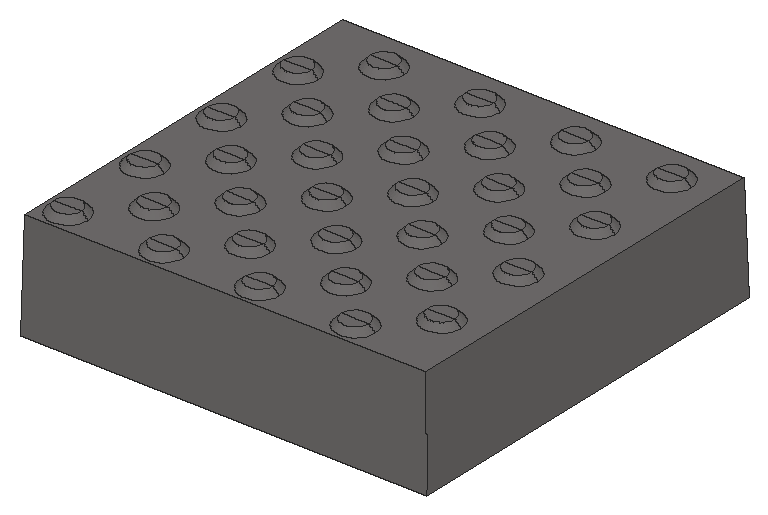
Revit family "Bodenindikator KeDi 32", category Allgemeines Modell, Revit 2016
Family settings
  Teiletyp = Normal
  Kann Basisbauteil für Bewehrung sein = Nein
  Bemaßung runder Anschluss = Durchmesser verwenden
  Arbeitsebenenbasiert = Nein
  Immer vertikal = Ja
  Beim Laden mit Abzugskörper schneiden = Nein
  Gemeinsam genutzt = Nein
  Raumberechnungspunkt = Nein
Parameters (values of type "KeDi 32 - 300/300/80,45 Anthrazit")
  www = "www.Betonsteinwerk-Knapp.de"
  Steindicke = ""
  Rastermaß L/ B in mm = "300/300"
  RIL = "813.02.01"
  R-Wert  nach DIN 51130 = "R11"
  Produzent = "IKM Betonsteinwerk Knapp & Co GmbH, Muggensturm"
  Produktname = "KeDi32"
  Produktionsnorm = "DIN V 18500"
  Produktfamilie = "Bodenindikator"
  Oberflächenausbildung = "Kegelstumpf"
  Norm = "DIN 32984"
  Materialität = Nr. 469 Anthrazit
  Material = "Hochleistungsfaserbeton"
  LRV-Wert = "3,97"
  Manufacturer = ""
  Gewicht/St = "16,6"
  GTIN - Nummer = "4060851017073"
  Frost- und Tausalzwiderstand (CDF) in g/m² im Mittel = "231"
  Fasenausbildung = "Minifase"
  Farbausführung = "Nr. 469 Anthrazit mit Oberflächenvergütung"
  Email = "Info@Betonsteinwerk-knapp.de"
  Auftrittsfläche = "Rändelstruktur"
  Artikelnummer = "5-303208-469-90"
  80.45 = yes
  64.5 = no
Types (4, lengths in mm): name | R-Wert  nach DIN 51130 | Materialität | LRV-Wert | Gewicht/St | GTIN - Nummer | Frost- und Tausalzwiderstand (CDF) in g/m² im Mittel | Farbausführung | Artikelnummer | 80.45 | 64.5
  KeDi 32  - 300/300/64,5 Weiß | "R12" | Nr. 470 Weiß | "53,06" | "12.2" | "4060851017066" | "430" | "Nr. 470 Weiß" | "5-303208-470-00" | no | yes
  KeDi 32 - 300/300/64,5 Anthrazit | "R11" | Nr. 469 Anthrazit | "3,97" | "12.2" | "4060851017073" | "231" | "Nr. 469 Anthrazit mit Oberflächenvergütung" | "5-303208-469-90" | no | yes
  KeDi 32  - 300/300/80,45 Weiß | "R12" | Nr. 470 Weiß | "53,06" | "16,6" | "4060851017066" | "430" | "Nr. 470 Weiß" | "5-303208-470-00" | yes | no
  KeDi 32 - 300/300/80,45 Anthrazit | "R11" | Nr. 469 Anthrazit | "3,97" | "16,6" | "4060851017073" | "231" | "Nr. 469 Anthrazit mit Oberflächenvergütung" | "5-303208-469-90" | yes | no
Reference planes
  plane 1 "Mitte (Vorne/Hinten)": y = 0
  plane 2: z = 0
  plane 3 "Mitte (Links/Rechts)": x = 0
Forms (mm)
  Extrusion 1, solid, material "Nr. 469 Anthrazit" <- "Materialität", visible <- "80.45", detail levels medium+fine
    sketch origin (0, 0, 0) x (1, 0, 0) y (0, 0, 1)
      loop
        line (-299.62, 0) -> (0, 0) -> (-1.809, 80) -> (-297.811, 80) -> (-299.62, 0)
    from 0 to 297
  Extrusion 2, void
    sketch origin (0, 0, 0) x (0, 1, 0) y (0, 0, 1)
      loop
        line (-297, 80) -> (-297, 0) -> (-295.2, 80) -> (-297, 80)
      loop
        line (0, 80) -> (-1.8, 80) -> (0, 0) -> (0, 80)
    from 0 to -299.62
  Extrusion 3, solid, material "Nr. 469 Anthrazit" <- "Materialität", visible <- "64.5", detail levels medium+fine
    sketch origin (0, 0, 0) x (1, 0, 0) y (0, 0, 1)
      loop
        line (-299.62, 0) -> (0, 0) -> (-1.448, 64.05) -> (-298.172, 64.05) -> (-299.62, 0)
    from 0 to 297
  Extrusion 4, void
    sketch origin (0, 0, 0) x (0, 1, 0) y (0, 0, 1)
      loop
        line (-297, 80) -> (-297, 0) -> (-295.2, 80) -> (-297, 80)
      loop
        line (0, 80) -> (-1.8, 80) -> (0, 0) -> (0, 80)
    from 0 to -299.62
  Extrusion 5, solid, material "Nr. 469 Anthrazit" <- "Materialität", visible <- "80.45", detail levels coarse
    sketch origin (0, 0, 0) x (1, 0, 0) y (0, 1, 0)
      loop
        line (-299.62, 0) -> (-299.62, -297) -> (0, -297) -> (0, 0) -> (-299.62, 0)
    from 0 to 84.5
  Extrusion 6, solid, material "Nr. 469 Anthrazit" <- "Materialität", visible <- "64.5", detail levels coarse
    sketch origin (0, 0, 0) x (1, 0, 0) y (0, 1, 0)
      loop
        line (-299.62, 0) -> (-299.62, -297) -> (0, -297) -> (0, 0) -> (-299.62, 0)
    from 0 to 68.55
  Revolve 7, solid, material "Nr. 469 Anthrazit" <- "Materialität", visible <- "80.45", detail levels medium+fine
    sketch origin (-225.455, -242.145, 0) x (1, 0, 0) y (0, 0, 1)
      loop
        line (-29.31, 84.5) -> (-33.81, 80) -> (-19.31, 80) -> (-19.31, 84.5) -> (-29.31, 84.5)
      axis (-19.31, 84.5) -> (-19.31, 80)
    angle from 0 to 360
  Revolve 8, solid, material "Nr. 469 Anthrazit" <- "Materialität", visible <- "80.45", detail levels medium+fine
    sketch origin (-260.81, -206.789, 0) x (1, 0, 0) y (0, 0, 1)
      loop
        line (-29.31, 84.5) -> (-33.81, 80) -> (-19.31, 80) -> (-19.31, 84.5) -> (-29.31, 84.5)
      axis (-19.31, 84.5) -> (-19.31, 80)
    angle from 0 to 360
  Revolve 9, solid, material "Nr. 469 Anthrazit" <- "Materialität", visible <- "80.45", detail levels medium+fine
    sketch origin (-225.455, -171.434, 0) x (1, 0, 0) y (0, 0, 1)
      loop
        line (-29.31, 84.5) -> (-33.81, 80) -> (-19.31, 80) -> (-19.31, 84.5) -> (-29.31, 84.5)
      axis (-19.31, 84.5) -> (-19.31, 80)
    angle from 0 to 360
  Revolve 10, solid, material "Nr. 469 Anthrazit" <- "Materialität", visible <- "80.45", detail levels medium+fine
    sketch origin (-260.81, -136.079, 0) x (1, 0, 0) y (0, 0, 1)
      loop
        line (-29.31, 84.5) -> (-33.81, 80) -> (-19.31, 80) -> (-19.31, 84.5) -> (-29.31, 84.5)
      axis (-19.31, 84.5) -> (-19.31, 80)
    angle from 0 to 360
  Revolve 11, solid, material "Nr. 469 Anthrazit" <- "Materialität", visible <- "80.45", detail levels medium+fine
    sketch origin (-225.455, -100.723, 0) x (1, 0, 0) y (0, 0, 1)
      loop
        line (-29.31, 84.5) -> (-33.81, 80) -> (-19.31, 80) -> (-19.31, 84.5) -> (-29.31, 84.5)
      axis (-19.31, 84.5) -> (-19.31, 80)
    angle from 0 to 360
  Revolve 12, solid, material "Nr. 469 Anthrazit" <- "Materialität", visible <- "80.45", detail levels medium+fine
    sketch origin (-260.81, -65.368, 0) x (1, 0, 0) y (0, 0, 1)
      loop
        line (-29.31, 84.5) -> (-33.81, 80) -> (-19.31, 80) -> (-19.31, 84.5) -> (-29.31, 84.5)
      axis (-19.31, 84.5) -> (-19.31, 80)
    angle from 0 to 360
  Revolve 13, solid, material "Nr. 469 Anthrazit" <- "Materialität", visible <- "80.45", detail levels medium+fine
    sketch origin (-225.455, -30.013, 0) x (1, 0, 0) y (0, 0, 1)
      loop
        line (-29.31, 84.5) -> (-33.81, 80) -> (-19.31, 80) -> (-19.31, 84.5) -> (-29.31, 84.5)
      axis (-19.31, 84.5) -> (-19.31, 80)
    angle from 0 to 360
  Revolve 14, solid, material "Nr. 469 Anthrazit" <- "Materialität", visible <- "80.45", detail levels medium+fine
    sketch origin (-228.719, -277.5, 0) x (-1, 0, 0) y (0, 0, -1)
      loop
        line (-29.31, -84.5) -> (-19.31, -84.5) -> (-19.31, -80) -> (-33.81, -80) -> (-29.31, -84.5)
      axis (-19.31, -84.5) -> (-19.31, -80)
    angle from 0 to 360
  Revolve 15, solid, material "Nr. 469 Anthrazit" <- "Materialität", visible <- "80.45", detail levels medium+fine
    sketch origin (-228.719, -206.789, 0) x (-1, 0, 0) y (0, 0, -1)
      loop
        line (-29.31, -84.5) -> (-19.31, -84.5) -> (-19.31, -80) -> (-33.81, -80) -> (-29.31, -84.5)
      axis (-19.31, -84.5) -> (-19.31, -80)
    angle from 0 to 360
  Revolve 16, solid, material "Nr. 469 Anthrazit" <- "Materialität", visible <- "80.45", detail levels medium+fine
    sketch origin (-228.719, -136.079, 0) x (-1, 0, 0) y (0, 0, -1)
      loop
        line (-29.31, -84.5) -> (-19.31, -84.5) -> (-19.31, -80) -> (-33.81, -80) -> (-29.31, -84.5)
      axis (-19.31, -84.5) -> (-19.31, -80)
    angle from 0 to 360
  Revolve 17, solid, material "Nr. 469 Anthrazit" <- "Materialität", visible <- "80.45", detail levels medium+fine
    sketch origin (-228.719, -65.368, 0) x (-1, 0, 0) y (0, 0, -1)
      loop
        line (-29.31, -84.5) -> (-19.31, -84.5) -> (-19.31, -80) -> (-33.81, -80) -> (-29.31, -84.5)
      axis (-19.31, -84.5) -> (-19.31, -80)
    angle from 0 to 360
  Revolve 18, solid, material "Nr. 469 Anthrazit" <- "Materialität", visible <- "80.45", detail levels medium+fine
    sketch origin (-193.364, -242.145, 0) x (-1, 0, 0) y (0, 0, -1)
      loop
        line (-29.31, -84.5) -> (-19.31, -84.5) -> (-19.31, -80) -> (-33.81, -80) -> (-29.31, -84.5)
      axis (-19.31, -84.5) -> (-19.31, -80)
    angle from 0 to 360
  Revolve 19, solid, material "Nr. 469 Anthrazit" <- "Materialität", visible <- "80.45", detail levels medium+fine
    sketch origin (-193.364, -171.434, 0) x (-1, 0, 0) y (0, 0, -1)
      loop
        line (-29.31, -84.5) -> (-19.31, -84.5) -> (-19.31, -80) -> (-33.81, -80) -> (-29.31, -84.5)
      axis (-19.31, -84.5) -> (-19.31, -80)
    angle from 0 to 360
  Revolve 20, solid, material "Nr. 469 Anthrazit" <- "Materialität", visible <- "80.45", detail levels medium+fine
    sketch origin (-193.364, -100.723, 0) x (-1, 0, 0) y (0, 0, -1)
      loop
        line (-29.31, -84.5) -> (-19.31, -84.5) -> (-19.31, -80) -> (-33.81, -80) -> (-29.31, -84.5)
      axis (-19.31, -84.5) -> (-19.31, -80)
    angle from 0 to 360
  Revolve 21, solid, material "Nr. 469 Anthrazit" <- "Materialität", visible <- "80.45", detail levels medium+fine
    sketch origin (-193.364, -30.013, 0) x (-1, 0, 0) y (0, 0, -1)
      loop
        line (-29.31, -84.5) -> (-19.31, -84.5) -> (-19.31, -80) -> (-33.81, -80) -> (-29.31, -84.5)
      axis (-19.31, -84.5) -> (-19.31, -80)
    angle from 0 to 360
  Revolve 22, solid, material "Nr. 469 Anthrazit" <- "Materialität", visible <- "80.45", detail levels medium+fine
    sketch origin (-119.389, -277.5, 0) x (1, 0, 0) y (0, 0, 1)
      loop
        line (-29.31, 84.5) -> (-33.81, 80) -> (-19.31, 80) -> (-19.31, 84.5) -> (-29.31, 84.5)
      axis (-19.31, 84.5) -> (-19.31, 80)
    angle from 0 to 360
  Revolve 23, solid, material "Nr. 469 Anthrazit" <- "Materialität", visible <- "80.45", detail levels medium+fine
    sketch origin (-119.389, -206.789, 0) x (1, 0, 0) y (0, 0, 1)
      loop
        line (-29.31, 84.5) -> (-33.81, 80) -> (-19.31, 80) -> (-19.31, 84.5) -> (-29.31, 84.5)
      axis (-19.31, 84.5) -> (-19.31, 80)
    angle from 0 to 360
  Revolve 24, solid, material "Nr. 469 Anthrazit" <- "Materialität", visible <- "80.45", detail levels medium+fine
    sketch origin (-119.389, -136.079, 0) x (1, 0, 0) y (0, 0, 1)
      loop
        line (-29.31, 84.5) -> (-33.81, 80) -> (-19.31, 80) -> (-19.31, 84.5) -> (-29.31, 84.5)
      axis (-19.31, 84.5) -> (-19.31, 80)
    angle from 0 to 360
  Revolve 25, solid, material "Nr. 469 Anthrazit" <- "Materialität", visible <- "80.45", detail levels medium+fine
    sketch origin (-119.389, -65.368, 0) x (1, 0, 0) y (0, 0, 1)
      loop
        line (-29.31, 84.5) -> (-33.81, 80) -> (-19.31, 80) -> (-19.31, 84.5) -> (-29.31, 84.5)
      axis (-19.31, 84.5) -> (-19.31, 80)
    angle from 0 to 360
  Revolve 26, solid, material "Nr. 469 Anthrazit" <- "Materialität", visible <- "80.45", detail levels medium+fine
    sketch origin (-84.033, -242.145, 0) x (1, 0, 0) y (0, 0, 1)
      loop
        line (-29.31, 84.5) -> (-33.81, 80) -> (-19.31, 80) -> (-19.31, 84.5) -> (-29.31, 84.5)
      axis (-19.31, 84.5) -> (-19.31, 80)
    angle from 0 to 360
  Revolve 27, solid, material "Nr. 469 Anthrazit" <- "Materialität", visible <- "80.45", detail levels medium+fine
    sketch origin (-84.033, -171.434, 0) x (1, 0, 0) y (0, 0, 1)
      loop
        line (-29.31, 84.5) -> (-33.81, 80) -> (-19.31, 80) -> (-19.31, 84.5) -> (-29.31, 84.5)
      axis (-19.31, 84.5) -> (-19.31, 80)
    angle from 0 to 360
  Revolve 28, solid, material "Nr. 469 Anthrazit" <- "Materialität", visible <- "80.45", detail levels medium+fine
    sketch origin (-84.033, -100.723, 0) x (1, 0, 0) y (0, 0, 1)
      loop
        line (-29.31, 84.5) -> (-33.81, 80) -> (-19.31, 80) -> (-19.31, 84.5) -> (-29.31, 84.5)
      axis (-19.31, 84.5) -> (-19.31, 80)
    angle from 0 to 360
  Revolve 29, solid, material "Nr. 469 Anthrazit" <- "Materialität", visible <- "80.45", detail levels medium+fine
    sketch origin (-84.033, -30.013, 0) x (1, 0, 0) y (0, 0, 1)
      loop
        line (-29.31, 84.5) -> (-33.81, 80) -> (-19.31, 80) -> (-19.31, 84.5) -> (-29.31, 84.5)
      axis (-19.31, 84.5) -> (-19.31, 80)
    angle from 0 to 360
  Revolve 30, solid, material "Nr. 469 Anthrazit" <- "Materialität", visible <- "80.45", detail levels medium+fine
    sketch origin (-87.298, -277.5, 0) x (-1, 0, 0) y (0, 0, -1)
      loop
        line (-29.31, -84.5) -> (-19.31, -84.5) -> (-19.31, -80) -> (-33.81, -80) -> (-29.31, -84.5)
      axis (-19.31, -84.5) -> (-19.31, -80)
    angle from 0 to 360
  Revolve 31, solid, material "Nr. 469 Anthrazit" <- "Materialität", visible <- "80.45", detail levels medium+fine
    sketch origin (-87.298, -206.789, 0) x (-1, 0, 0) y (0, 0, -1)
      loop
        line (-29.31, -84.5) -> (-19.31, -84.5) -> (-19.31, -80) -> (-33.81, -80) -> (-29.31, -84.5)
      axis (-19.31, -84.5) -> (-19.31, -80)
    angle from 0 to 360
  Revolve 32, solid, material "Nr. 469 Anthrazit" <- "Materialität", visible <- "80.45", detail levels medium+fine
    sketch origin (-87.298, -136.079, 0) x (-1, 0, 0) y (0, 0, -1)
      loop
        line (-29.31, -84.5) -> (-19.31, -84.5) -> (-19.31, -80) -> (-33.81, -80) -> (-29.31, -84.5)
      axis (-19.31, -84.5) -> (-19.31, -80)
    angle from 0 to 360
  Revolve 33, solid, material "Nr. 469 Anthrazit" <- "Materialität", visible <- "80.45", detail levels medium+fine
    sketch origin (-87.298, -65.368, 0) x (-1, 0, 0) y (0, 0, -1)
      loop
        line (-29.31, -84.5) -> (-19.31, -84.5) -> (-19.31, -80) -> (-33.81, -80) -> (-29.31, -84.5)
      axis (-19.31, -84.5) -> (-19.31, -80)
    angle from 0 to 360
  Revolve 34, solid, material "Nr. 469 Anthrazit" <- "Materialität", visible <- "80.45", detail levels medium+fine
    sketch origin (-51.943, -242.145, 0) x (-1, 0, 0) y (0, 0, -1)
      loop
        line (-29.31, -84.5) -> (-19.31, -84.5) -> (-19.31, -80) -> (-33.81, -80) -> (-29.31, -84.5)
      axis (-19.31, -84.5) -> (-19.31, -80)
    angle from 0 to 360
  Revolve 35, solid, material "Nr. 469 Anthrazit" <- "Materialität", visible <- "80.45", detail levels medium+fine
    sketch origin (-51.943, -171.434, 0) x (-1, 0, 0) y (0, 0, -1)
      loop
        line (-29.31, -84.5) -> (-19.31, -84.5) -> (-19.31, -80) -> (-33.81, -80) -> (-29.31, -84.5)
      axis (-19.31, -84.5) -> (-19.31, -80)
    angle from 0 to 360
  Revolve 36, solid, material "Nr. 469 Anthrazit" <- "Materialität", visible <- "80.45", detail levels medium+fine
    sketch origin (-51.943, -100.723, 0) x (-1, 0, 0) y (0, 0, -1)
      loop
        line (-29.31, -84.5) -> (-19.31, -84.5) -> (-19.31, -80) -> (-33.81, -80) -> (-29.31, -84.5)
      axis (-19.31, -84.5) -> (-19.31, -80)
    angle from 0 to 360
  Revolve 37, solid, material "Nr. 469 Anthrazit" <- "Materialität", visible <- "80.45", detail levels medium+fine
    sketch origin (-51.943, -30.013, 0) x (-1, 0, 0) y (0, 0, -1)
      loop
        line (-29.31, -84.5) -> (-19.31, -84.5) -> (-19.31, -80) -> (-33.81, -80) -> (-29.31, -84.5)
      axis (-19.31, -84.5) -> (-19.31, -80)
    angle from 0 to 360
  Revolve 38, solid, material "Nr. 469 Anthrazit" <- "Materialität", visible <- "80.45", detail levels medium+fine
    sketch origin (-260.81, -277.5, 0) x (1, 0, 0) y (0, 0, 1)
      loop
        line (-29.31, 84.5) -> (-33.81, 80) -> (-19.31, 80) -> (-19.31, 84.5) -> (-29.31, 84.5)
      axis (-19.31, 84.5) -> (-19.31, 80)
    angle from 0 to 360
  Revolve 39, solid, material "Nr. 469 Anthrazit" <- "Materialität", visible <- "64.5", detail levels medium+fine
    sketch origin (-225.455, -242.145, -15.95) x (1, 0, 0) y (0, 0, 1)
      loop
        line (-29.31, 84.5) -> (-33.81, 80) -> (-19.31, 80) -> (-19.31, 84.5) -> (-29.31, 84.5)
      axis (-19.31, 84.5) -> (-19.31, 80)
    angle from 0 to 360
  Revolve 40, solid, material "Nr. 469 Anthrazit" <- "Materialität", visible <- "64.5", detail levels medium+fine
    sketch origin (-260.81, -206.789, -15.95) x (1, 0, 0) y (0, 0, 1)
      loop
        line (-29.31, 84.5) -> (-33.81, 80) -> (-19.31, 80) -> (-19.31, 84.5) -> (-29.31, 84.5)
      axis (-19.31, 84.5) -> (-19.31, 80)
    angle from 0 to 360
  Revolve 41, solid, material "Nr. 469 Anthrazit" <- "Materialität", visible <- "64.5", detail levels medium+fine
    sketch origin (-225.455, -171.434, -15.95) x (1, 0, 0) y (0, 0, 1)
      loop
        line (-29.31, 84.5) -> (-33.81, 80) -> (-19.31, 80) -> (-19.31, 84.5) -> (-29.31, 84.5)
      axis (-19.31, 84.5) -> (-19.31, 80)
    angle from 0 to 360
  Revolve 42, solid, material "Nr. 469 Anthrazit" <- "Materialität", visible <- "64.5", detail levels medium+fine
    sketch origin (-260.81, -136.079, -15.95) x (1, 0, 0) y (0, 0, 1)
      loop
        line (-29.31, 84.5) -> (-33.81, 80) -> (-19.31, 80) -> (-19.31, 84.5) -> (-29.31, 84.5)
      axis (-19.31, 84.5) -> (-19.31, 80)
    angle from 0 to 360
  Revolve 43, solid, material "Nr. 469 Anthrazit" <- "Materialität", visible <- "64.5", detail levels medium+fine
    sketch origin (-225.455, -100.723, -15.95) x (1, 0, 0) y (0, 0, 1)
      loop
        line (-29.31, 84.5) -> (-33.81, 80) -> (-19.31, 80) -> (-19.31, 84.5) -> (-29.31, 84.5)
      axis (-19.31, 84.5) -> (-19.31, 80)
    angle from 0 to 360
  Revolve 44, solid, material "Nr. 469 Anthrazit" <- "Materialität", visible <- "64.5", detail levels medium+fine
    sketch origin (-260.81, -65.368, -15.95) x (1, 0, 0) y (0, 0, 1)
      loop
        line (-29.31, 84.5) -> (-33.81, 80) -> (-19.31, 80) -> (-19.31, 84.5) -> (-29.31, 84.5)
      axis (-19.31, 84.5) -> (-19.31, 80)
    angle from 0 to 360
  Revolve 45, solid, material "Nr. 469 Anthrazit" <- "Materialität", visible <- "64.5", detail levels medium+fine
    sketch origin (-225.455, -30.013, -15.95) x (1, 0, 0) y (0, 0, 1)
      loop
        line (-29.31, 84.5) -> (-33.81, 80) -> (-19.31, 80) -> (-19.31, 84.5) -> (-29.31, 84.5)
      axis (-19.31, 84.5) -> (-19.31, 80)
    angle from 0 to 360
  Revolve 46, solid, material "Nr. 469 Anthrazit" <- "Materialität", visible <- "64.5", detail levels medium+fine
    sketch origin (-228.719, -277.5, -15.95) x (-1, 0, 0) y (0, 0, -1)
      loop
        line (-29.31, -84.5) -> (-19.31, -84.5) -> (-19.31, -80) -> (-33.81, -80) -> (-29.31, -84.5)
      axis (-19.31, -84.5) -> (-19.31, -80)
    angle from 0 to 360
  Revolve 47, solid, material "Nr. 469 Anthrazit" <- "Materialität", visible <- "64.5", detail levels medium+fine
    sketch origin (-228.719, -206.789, -15.95) x (-1, 0, 0) y (0, 0, -1)
      loop
        line (-29.31, -84.5) -> (-19.31, -84.5) -> (-19.31, -80) -> (-33.81, -80) -> (-29.31, -84.5)
      axis (-19.31, -84.5) -> (-19.31, -80)
    angle from 0 to 360
  Revolve 48, solid, material "Nr. 469 Anthrazit" <- "Materialität", visible <- "64.5", detail levels medium+fine
    sketch origin (-228.719, -136.079, -15.95) x (-1, 0, 0) y (0, 0, -1)
      loop
        line (-29.31, -84.5) -> (-19.31, -84.5) -> (-19.31, -80) -> (-33.81, -80) -> (-29.31, -84.5)
      axis (-19.31, -84.5) -> (-19.31, -80)
    angle from 0 to 360
  Revolve 49, solid, material "Nr. 469 Anthrazit" <- "Materialität", visible <- "64.5", detail levels medium+fine
    sketch origin (-228.719, -65.368, -15.95) x (-1, 0, 0) y (0, 0, -1)
      loop
        line (-29.31, -84.5) -> (-19.31, -84.5) -> (-19.31, -80) -> (-33.81, -80) -> (-29.31, -84.5)
      axis (-19.31, -84.5) -> (-19.31, -80)
    angle from 0 to 360
  Revolve 50, solid, material "Nr. 469 Anthrazit" <- "Materialität", visible <- "64.5", detail levels medium+fine
    sketch origin (-193.364, -242.145, -15.95) x (-1, 0, 0) y (0, 0, -1)
      loop
        line (-29.31, -84.5) -> (-19.31, -84.5) -> (-19.31, -80) -> (-33.81, -80) -> (-29.31, -84.5)
      axis (-19.31, -84.5) -> (-19.31, -80)
    angle from 0 to 360
  Revolve 51, solid, material "Nr. 469 Anthrazit" <- "Materialität", visible <- "64.5", detail levels medium+fine
    sketch origin (-193.364, -171.434, -15.95) x (-1, 0, 0) y (0, 0, -1)
      loop
        line (-29.31, -84.5) -> (-19.31, -84.5) -> (-19.31, -80) -> (-33.81, -80) -> (-29.31, -84.5)
      axis (-19.31, -84.5) -> (-19.31, -80)
    angle from 0 to 360
  Revolve 52, solid, material "Nr. 469 Anthrazit" <- "Materialität", visible <- "64.5", detail levels medium+fine
    sketch origin (-193.364, -100.723, -15.95) x (-1, 0, 0) y (0, 0, -1)
      loop
        line (-29.31, -84.5) -> (-19.31, -84.5) -> (-19.31, -80) -> (-33.81, -80) -> (-29.31, -84.5)
      axis (-19.31, -84.5) -> (-19.31, -80)
    angle from 0 to 360
  Revolve 53, solid, material "Nr. 469 Anthrazit" <- "Materialität", visible <- "64.5", detail levels medium+fine
    sketch origin (-193.364, -30.013, -15.95) x (-1, 0, 0) y (0, 0, -1)
      loop
        line (-29.31, -84.5) -> (-19.31, -84.5) -> (-19.31, -80) -> (-33.81, -80) -> (-29.31, -84.5)
      axis (-19.31, -84.5) -> (-19.31, -80)
    angle from 0 to 360
  Revolve 54, solid, material "Nr. 469 Anthrazit" <- "Materialität", visible <- "64.5", detail levels medium+fine
    sketch origin (-119.389, -277.5, -15.95) x (1, 0, 0) y (0, 0, 1)
      loop
        line (-29.31, 84.5) -> (-33.81, 80) -> (-19.31, 80) -> (-19.31, 84.5) -> (-29.31, 84.5)
      axis (-19.31, 84.5) -> (-19.31, 80)
    angle from 0 to 360
  Revolve 55, solid, material "Nr. 469 Anthrazit" <- "Materialität", visible <- "64.5", detail levels medium+fine
    sketch origin (-119.389, -206.789, -15.95) x (1, 0, 0) y (0, 0, 1)
      loop
        line (-29.31, 84.5) -> (-33.81, 80) -> (-19.31, 80) -> (-19.31, 84.5) -> (-29.31, 84.5)
      axis (-19.31, 84.5) -> (-19.31, 80)
    angle from 0 to 360
  Revolve 56, solid, material "Nr. 469 Anthrazit" <- "Materialität", visible <- "64.5", detail levels medium+fine
    sketch origin (-119.389, -136.079, -15.95) x (1, 0, 0) y (0, 0, 1)
      loop
        line (-29.31, 84.5) -> (-33.81, 80) -> (-19.31, 80) -> (-19.31, 84.5) -> (-29.31, 84.5)
      axis (-19.31, 84.5) -> (-19.31, 80)
    angle from 0 to 360
  Revolve 57, solid, material "Nr. 469 Anthrazit" <- "Materialität", visible <- "64.5", detail levels medium+fine
    sketch origin (-119.389, -65.368, -15.95) x (1, 0, 0) y (0, 0, 1)
      loop
        line (-29.31, 84.5) -> (-33.81, 80) -> (-19.31, 80) -> (-19.31, 84.5) -> (-29.31, 84.5)
      axis (-19.31, 84.5) -> (-19.31, 80)
    angle from 0 to 360
  Revolve 58, solid, material "Nr. 469 Anthrazit" <- "Materialität", visible <- "64.5", detail levels medium+fine
    sketch origin (-84.033, -242.145, -15.95) x (1, 0, 0) y (0, 0, 1)
      loop
        line (-29.31, 84.5) -> (-33.81, 80) -> (-19.31, 80) -> (-19.31, 84.5) -> (-29.31, 84.5)
      axis (-19.31, 84.5) -> (-19.31, 80)
    angle from 0 to 360
  Revolve 59, solid, material "Nr. 469 Anthrazit" <- "Materialität", visible <- "64.5", detail levels medium+fine
    sketch origin (-84.033, -171.434, -15.95) x (1, 0, 0) y (0, 0, 1)
      loop
        line (-29.31, 84.5) -> (-33.81, 80) -> (-19.31, 80) -> (-19.31, 84.5) -> (-29.31, 84.5)
      axis (-19.31, 84.5) -> (-19.31, 80)
    angle from 0 to 360
  Revolve 60, solid, material "Nr. 469 Anthrazit" <- "Materialität", visible <- "64.5", detail levels medium+fine
    sketch origin (-84.033, -100.723, -15.95) x (1, 0, 0) y (0, 0, 1)
      loop
        line (-29.31, 84.5) -> (-33.81, 80) -> (-19.31, 80) -> (-19.31, 84.5) -> (-29.31, 84.5)
      axis (-19.31, 84.5) -> (-19.31, 80)
    angle from 0 to 360
  Revolve 61, solid, material "Nr. 469 Anthrazit" <- "Materialität", visible <- "64.5", detail levels medium+fine
    sketch origin (-84.033, -30.013, -15.95) x (1, 0, 0) y (0, 0, 1)
      loop
        line (-29.31, 84.5) -> (-33.81, 80) -> (-19.31, 80) -> (-19.31, 84.5) -> (-29.31, 84.5)
      axis (-19.31, 84.5) -> (-19.31, 80)
    angle from 0 to 360
  Revolve 62, solid, material "Nr. 469 Anthrazit" <- "Materialität", visible <- "64.5", detail levels medium+fine
    sketch origin (-87.298, -277.5, -15.95) x (-1, 0, 0) y (0, 0, -1)
      loop
        line (-29.31, -84.5) -> (-19.31, -84.5) -> (-19.31, -80) -> (-33.81, -80) -> (-29.31, -84.5)
      axis (-19.31, -84.5) -> (-19.31, -80)
    angle from 0 to 360
  Revolve 63, solid, material "Nr. 469 Anthrazit" <- "Materialität", visible <- "64.5", detail levels medium+fine
    sketch origin (-87.298, -206.789, -15.95) x (-1, 0, 0) y (0, 0, -1)
      loop
        line (-29.31, -84.5) -> (-19.31, -84.5) -> (-19.31, -80) -> (-33.81, -80) -> (-29.31, -84.5)
      axis (-19.31, -84.5) -> (-19.31, -80)
    angle from 0 to 360
  Revolve 64, solid, material "Nr. 469 Anthrazit" <- "Materialität", visible <- "64.5", detail levels medium+fine
    sketch origin (-87.298, -136.079, -15.95) x (-1, 0, 0) y (0, 0, -1)
      loop
        line (-29.31, -84.5) -> (-19.31, -84.5) -> (-19.31, -80) -> (-33.81, -80) -> (-29.31, -84.5)
      axis (-19.31, -84.5) -> (-19.31, -80)
    angle from 0 to 360
  Revolve 65, solid, material "Nr. 469 Anthrazit" <- "Materialität", visible <- "64.5", detail levels medium+fine
    sketch origin (-87.298, -65.368, -15.95) x (-1, 0, 0) y (0, 0, -1)
      loop
        line (-29.31, -84.5) -> (-19.31, -84.5) -> (-19.31, -80) -> (-33.81, -80) -> (-29.31, -84.5)
      axis (-19.31, -84.5) -> (-19.31, -80)
    angle from 0 to 360
  Revolve 66, solid, material "Nr. 469 Anthrazit" <- "Materialität", visible <- "64.5", detail levels medium+fine
    sketch origin (-51.943, -242.145, -15.95) x (-1, 0, 0) y (0, 0, -1)
      loop
        line (-29.31, -84.5) -> (-19.31, -84.5) -> (-19.31, -80) -> (-33.81, -80) -> (-29.31, -84.5)
      axis (-19.31, -84.5) -> (-19.31, -80)
    angle from 0 to 360
  Revolve 67, solid, material "Nr. 469 Anthrazit" <- "Materialität", visible <- "64.5", detail levels medium+fine
    sketch origin (-51.943, -171.434, -15.95) x (-1, 0, 0) y (0, 0, -1)
      loop
        line (-29.31, -84.5) -> (-19.31, -84.5) -> (-19.31, -80) -> (-33.81, -80) -> (-29.31, -84.5)
      axis (-19.31, -84.5) -> (-19.31, -80)
    angle from 0 to 360
  Revolve 68, solid, material "Nr. 469 Anthrazit" <- "Materialität", visible <- "64.5", detail levels medium+fine
    sketch origin (-51.943, -100.723, -15.95) x (-1, 0, 0) y (0, 0, -1)
      loop
        line (-29.31, -84.5) -> (-19.31, -84.5) -> (-19.31, -80) -> (-33.81, -80) -> (-29.31, -84.5)
      axis (-19.31, -84.5) -> (-19.31, -80)
    angle from 0 to 360
  Revolve 69, solid, material "Nr. 469 Anthrazit" <- "Materialität", visible <- "64.5", detail levels medium+fine
    sketch origin (-51.943, -30.013, -15.95) x (-1, 0, 0) y (0, 0, -1)
      loop
        line (-29.31, -84.5) -> (-19.31, -84.5) -> (-19.31, -80) -> (-33.81, -80) -> (-29.31, -84.5)
      axis (-19.31, -84.5) -> (-19.31, -80)
    angle from 0 to 360
  Revolve 70, solid, material "Nr. 469 Anthrazit" <- "Materialität", visible <- "64.5", detail levels medium+fine
    sketch origin (-260.81, -277.5, -15.95) x (1, 0, 0) y (0, 0, 1)
      loop
        line (-29.31, 84.5) -> (-33.81, 80) -> (-19.31, 80) -> (-19.31, 84.5) -> (-29.31, 84.5)
      axis (-19.31, 84.5) -> (-19.31, 80)
    angle from 0 to 360
Cuts and joins
  Extrusion 4 cuts Extrusion 3
  joined: Extrusion 3, Revolve 39, Revolve 40, Revolve 41, Revolve 42, Revolve 43, Revolve 44, Revolve 45, Revolve 46, Revolve 47, Revolve 48, Revolve 49, Revolve 50, Revolve 51, Revolve 52, Revolve 53, Revolve 54, Revolve 55, Revolve 56, Revolve 57, Revolve 58, Revolve 59, Revolve 60, Revolve 61, Revolve 62, Revolve 63, Revolve 64, Revolve 65, Revolve 66, Revolve 67, Revolve 68, Revolve 69, Revolve 70
  Extrusion 2, Extrusion 4 cuts Extrusion 1
  joined: Extrusion 1, Revolve 7, Revolve 8, Revolve 9, Revolve 10, Revolve 11, Revolve 12, Revolve 13, Revolve 14, Revolve 15, Revolve 16, Revolve 17, Revolve 18, Revolve 19, Revolve 20, Revolve 21, Revolve 22, Revolve 23, Revolve 24, Revolve 25, Revolve 26, Revolve 27, Revolve 28, Revolve 29, Revolve 30, Revolve 31, Revolve 32, Revolve 33, Revolve 34, Revolve 35, Revolve 36, Revolve 37, Revolve 38
Dimensions and locks
  plane 3 "Mitte (Links/Rechts)" to Extrusion 6 = 299.62 mm
  aligned and locked: level to plane 2
